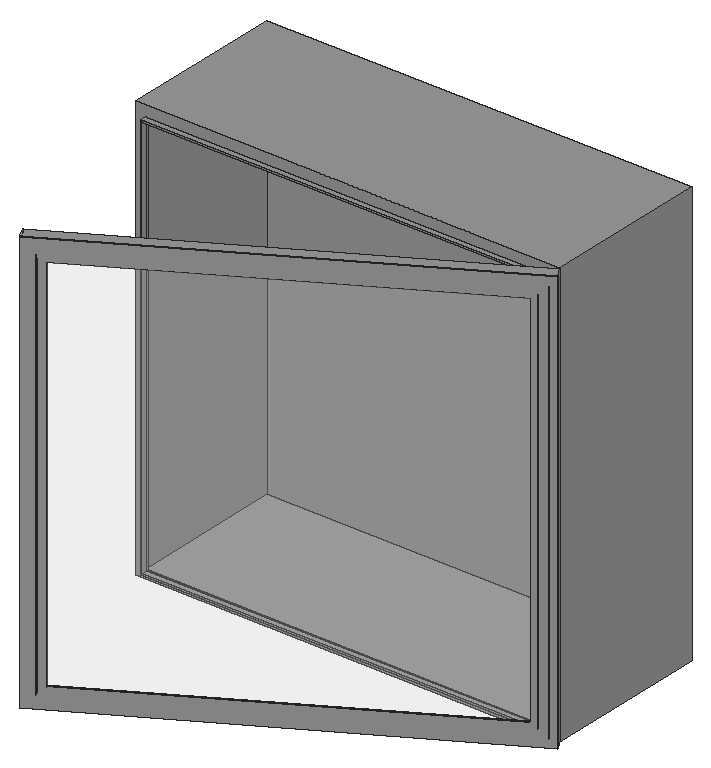
Revit family "Hager-Orion_Inox-IP66-D250-Cl.I-Inox_encl-630A-600mm-NoHosted-CH-it", category Equipement électrique, Revit 2020
Family settings
  Configuration du panneau = Deux colonnes, circuits au sein
  Cote de connecteur circulaire = Utiliser le diamètre
  Type d'élément = Tableau de raccordement
  Basée sur le plan de construction = Oui
  Toujours verticalement = Oui
  Couper avec des vides une fois chargée = Non
  Partagée = Non
  Point de calcul de pièce = Non
Parameters (values of type "A parete IP66 L600 A600 P250  - FL029TWL")
  Width Control [instance] = if([EF000008 - Larghezza] > Min Width, [EF000008 - Larghezza], Min Width)  # 600 mm
  Commentaires du type = [HG000003 - Gamma]  # "Orion Inox"
  Thickness Door [instance] = if([EF009171 - spessore materiale porta/coperchio] > 3 mm, 3 mm, [EF009171 - spessore materiale porta/coperchio])  # 1.5 mm
  Seal Frame Offset [instance] = 17 mm  # constant formula
  Min Width [instance] = 100 mm  # constant formula
  Min Depth [instance] = (2 * [EF009170 - spessore materiale scatola]) + 1 mm  # 4 mm
  Min Height [instance] = 100 mm  # constant formula
  Internal Frame Depth [instance] = -(Door System Depth * 0.5)  # -9 mm
  Panel Name [instance] = ""  # (empty or 0)
  Model = ""
  HG000027 - Altezza dello zoccolo = 0 mm
  HG000026 - A pavimento = no
  HG000024 - Altezza della sezione inferiore = 600 mm
  HG000023 - Custodia a doppia sezione = no
  HG000016 - Visibilità delle porte nella vista 3D [instance] = yes
  HG000015 - Visibilità attraverso la porta [instance] = no
  HG000014 - Porta destra [instance] = yes
  HG000013 - Porta sinistra [instance] = not([HG000014 - Porta destra])  # no
  HG000012 - Angolo di apertura della porta [instance] = 30.00°
  HG000010 - Porte asimmetriche = no
  HG000009 - Porta doppia a battente = no
  HG000006 - Ad incasso = no
  HG000004 - Codice produttore = "FL029TWL"
  HG000003 - Gamma = "Orion Inox"
  HG000002 - Con porta = yes
  Frame Offset Bottom [instance] = 10 mm  # constant formula
  Frame Offset [instance] = 15 mm  # constant formula
  EF015940 - Coprire con rilascio di sovrapressione = no
  EF011959 - tipo di protezione (NEMA) = ""
  EF009554 - numero delle aperture per la piastra della flangia = 0
  EF009212 - esecuzione coperchio = "EV000116 - chiuso"
  EF009171 - spessore materiale porta/coperchio = 1.5 mm
  EF009170 - spessore materiale scatola = 1.5 mm
  EF008873 - corrente nominale (In) = 630 A
  EF007800 - adatto per parafulmine = no
  EF006306 - con serratura = yes
  EF006244 - coperchio/porta trasparente = yes
  EF005474 - grado di protezione (IP) = "EV006422 - IP66"
  EF004464 - tipo di porta = "EV002646 - singolo"
  EF004427 - numero di moduli = 0
  EF004293 - resistenza agli urti = "EV006814 - IK08"
  EF003532 - adatto per uso esterno = yes
  EF002950 - Numero moduli DIN = 0
  EF001613 - Integrità del circuito = "EV000494 - senza"
  EF001596 - Attacco Lampada = "EV000166 - acciaio inossidabile"
  EF001131 - profondità interna = 216 mm
  EF001088 - possibilità di applicazione = yes
  EF000437 - numero di ingressi per conduttori = 0
  EF000339 - tipo di copertura = "EV004216 - porta"
  EF000266 - numero di file = 0
  EF000218 - profondità di incasso = 0 mm
  EF000118 - con piastra di montaggio = no
  EF000116 - numero RAL = ""
  EF000049 - profondità = 250 mm
  EF000040 - Altezza = 600 mm
  EF000008 - Larghezza = 600 mm
  EF000007 - colore = "EV000154 - altri"
  EF000003 - Tipo di montaggio = "EV000384 - A parete"
  Door System Leaf Tolerance [instance] = 1.5 mm  # constant formula
  Door System Depth [instance] = 18 mm  # constant formula
  Description = ""
  Default Elevation = 1219.2 mm
  Connector Offset [instance] = Height Control / 2  # 300 mm
  Fabricant = "Hager"  # constant formula
  Height Control [instance] = if([EF000040 - Altezza] > Min Height, [EF000040 - Altezza], Min Height)  # 600 mm
  Depth Control [instance] = if([EF000049 - profondità] > Min Depth, [EF000049 - profondità], Min Depth)  # 250 mm
Types (4, lengths in mm): name | Width Control | HG000004 - Codice produttore | EF009212 - esecuzione coperchio | EF006306 - con serratura | EF006244 - coperchio/porta trasparente | EF004293 - resistenza agli urti | EF001613 - Integrità del circuito | EF000008 - Larghezza
  A parete IP66 L400 A600 P250  - FL029BW | 400 | "FL029BW" | "EV009916 - con taglio" | no | no | "EV008784 - IK10" | "" | 400
  A parete IP66 L600 A600 P250  - FL029BWL | 600 | "FL029BWL" | "EV009916 - con taglio" | no | no | "EV008784 - IK10" | "" | 600
  A parete IP66 L600 A600 P250  - FL029TW | 600 | "FL029TW" | "EV000116 - chiuso" | yes | yes | "EV006814 - IK08" | "EV000494 - senza" | 600
  A parete IP66 L600 A600 P250  - FL029TWL | 600 | "FL029TWL" | "EV000116 - chiuso" | yes | yes | "EV006814 - IK08" | "EV000494 - senza" | 600
Reference planes
  plane 1 "Center (Front/Back)": y = 0
  plane 2: z = 0
  plane 3 "Center (Left/Right)": x = 0
  plane 4: y = 0
  plane 5: y = 0
  plane 6: z = 0
  plane 7: x = -300
  plane 8: x = 300
  plane 9: x = 298.5
  plane 10: x = -298.5
  plane 11: z = 0
  plane 12: z = 1.5
  plane 13: y = -250
  plane 14: y = -1.5
  plane 15: x = 0
  plane 16: y = -232
  plane 17: y = -248.5
  plane 18: y = -230.5
  plane 19: x = -283.5
  plane 20: x = 283.5
  plane 21: z = 11.5
  plane 22: x = -283
  plane 23: x = 283
  plane 24: z = 0
  plane 25: z = 600
  plane 26: z = 600
  plane 27: z = 583.5
  plane 28: z = 598.5
Forms (mm)
  Extrusion 1, solid, material "Hager_Stainless_Steel", detail levels medium+fine
    sketch origin (-208.679, -4572, 0) x (-1, 0, 0) y (0, -1, 0)
      loop
        line (91.321, -4340) -> (-508.679, -4340) -> (-508.679, -4572) -> (91.321, -4572) -> (91.321, -4340)
    from 0 to 600
  Extrusion 2, void
    sketch origin (-350.771, -250, 1219.2) x (1, 0, 0) y (0, 0, 1)
      loop
        line (52.271, -620.7) -> (52.271, -1217.7) -> (649.271, -1217.7) -> (649.271, -620.7) -> (52.271, -620.7)
    from -19.5 to -248.5
  Extrusion 3, void
    sketch origin (-290.084, -232, 1219.2) x (1, 0, 0) y (0, 0, 1)
      loop
        line (6.584, -1207.7) -> (573.584, -1207.7) -> (573.584, -635.7) -> (6.584, -635.7) -> (6.584, -1207.7)
    from 0 to -1.5
  Extrusion 4, solid, material "Hager_Stainless_Steel", detail levels fine
    sketch origin (-290.084, -232, 1219.2) x (-1, 0, 0) y (0, 0, 1)
      loop
        line (-573.584, -1207.7) -> (-6.584, -1207.7) -> (-6.584, -635.7) -> (-573.584, -635.7) -> (-573.584, -1207.7)
      loop
        line (-575.084, -1209.2) -> (-5.084, -1209.2) -> (-5.084, -634.2) -> (-575.084, -634.2) -> (-575.084, -1209.2)
    from 0 to -9 <- "Internal Frame Depth"
  Extrusion 5, solid, material "Hager_Stainless_Steel", detail levels coarse
    sketch origin (0, 0, 0) x (1, 0, 0) y (0, 1, 0)
      loop
        line (-300, 0) -> (-300, -250) -> (300, -250) -> (300, 0) -> (-300, 0)
    from 0 to 600 <- "Height Control"
Cuts and joins
  Extrusion 2, Extrusion 3 cuts Extrusion 1
Lines and regions (mm)
  Masking region 1
    outline origin (0, 0, 0) x (1, 0, 0) y (0, 1, 0)
      loop
        line (-300, 0) -> (-300, -250) -> (300, -250) -> (300, 0) -> (-300, 0)
  Masking region 2
    outline origin (-290.084, -232, 1219.2) x (-1, 0, 0) y (0, 0, 1)
      loop
        line (-590.084, -1219.2) -> (9.916, -1219.2) -> (9.916, -619.2) -> (-590.084, -619.2) -> (-590.084, -1219.2)
  Masking region 3, detail levels coarse
    outline origin (0, 0, 0) x (0, 1, 0) y (0, 0, 1)
      loop
        line (0, 0) -> (0, 600) -> (-250, 600) -> (-250, 0) -> (0, 0)
  Masking region 4, detail levels medium+fine
    outline origin (0, 0, 594.038) x (0, 1, 0) y (0, 0, 1)
      loop
        line (0, -594.038) -> (0, 5.962) -> (-232, 5.962) -> (-232, -594.038) -> (0, -594.038)
Dimensions and locks
  locked: plane 1 "Center (Front/Back)" to plane 5
  "EF009170 - spessore materiale scatola": plane 7 to plane 10
  "EF009170 - spessore materiale scatola": plane 8 to plane 9
  equal spacing: plane 7, plane 3 "Center (Left/Right)", plane 8
  "Width Control": plane 7 to plane 8
  "Depth Control": plane 4 to plane 13
  "EF009170 - spessore materiale scatola": plane 4 to plane 14
  "Height Control": plane 25 to level
  "EF009170 - spessore materiale scatola": plane 12 to plane 11
  "EF009170 - spessore materiale scatola": plane 17 to plane 13
  "EF009170 - spessore materiale scatola": plane 18 to plane 16
  "Frame Offset Bottom": plane 21 to plane 12
  "Frame Offset": plane 10 to plane 19
  "Frame Offset": plane 9 to plane 20
  "Door System Depth": plane 16 to plane 13
  "Seal Frame Offset": plane 7 to plane 22
  "Seal Frame Offset": plane 8 to plane 23
  "EF009170 - spessore materiale scatola": plane 26 to plane 28
  "Frame Offset": plane 28 to plane 27
  "Connector Offset": plane 2 to connector elem
  "Thickness Door": cut or joined group of Extrusion 1, Extrusion 2, Extrusion 3 to Extrusion 4 sketch curve
  "Thickness Door": Extrusion 4 sketch curve to plane 19
  "Thickness Door": Extrusion 4 sketch curve to plane 20
  "Thickness Door": Extrusion 4 sketch curve to plane 27
  aligned and locked: Extrusion 2 sketch curve to plane 12
  aligned and locked: Extrusion 2 sketch curve to plane 9
  aligned and locked: Extrusion 2 sketch curve to plane 10
  aligned and locked: plane 14 to Extrusion 2
  aligned and locked: plane 4 to Extrusion 1 sketch curve
  aligned and locked: plane 8 to Extrusion 1 sketch curve
  aligned and locked: plane 7 to Extrusion 1 sketch curve
  aligned and locked: Extrusion 2 to plane 18
  aligned and locked: Extrusion 3 sketch curve to plane 19
  aligned and locked: plane 20 to Extrusion 3 sketch curve
  aligned and locked: Extrusion 3 to Extrusion 2
  aligned and locked: Extrusion 3 sketch curve to plane 21
  aligned and locked: plane 3 "Center (Left/Right)" to nested 1
  aligned and locked: Extrusion 1 sketch curve to plane 16
  aligned and locked: Masking region 1 sketch curve to plane 7
  aligned and locked: Masking region 1 sketch curve to plane 5
  aligned and locked: Masking region 1 sketch curve to plane 8
  aligned and locked: Masking region 2 sketch curve to level
  aligned and locked: level to Masking region 3 sketch curve
  aligned and locked: plane 1 "Center (Front/Back)" to Masking region 3 sketch curve
  aligned and locked: plane 13 to Masking region 3 sketch curve
  aligned and locked: Masking region 2 sketch curve to plane 8
  aligned and locked: Masking region 2 sketch curve to plane 7
  aligned and locked: plane 7 to nested 2
  aligned and locked: nested 2 to plane 5
  aligned and locked: plane 5 to Masking region 4 sketch curve
  aligned and locked: plane 26 to Masking region 4 sketch curve
  aligned and locked: Extrusion 5 sketch curve to plane 8
  aligned and locked: Extrusion 5 sketch curve to plane 7
  aligned and locked: Extrusion 5 sketch curve to plane 5
  aligned and locked: Extrusion 3 sketch curve to plane 27
  aligned and locked: Extrusion 2 sketch curve to plane 28
  aligned and locked: Extrusion 4 sketch curve to plane 27
  aligned and locked: Extrusion 4 sketch curve to plane 20
  aligned and locked: Extrusion 4 sketch curve to plane 21
  aligned and locked: Extrusion 4 sketch curve to plane 19
  aligned and locked: Masking region 2 to plane 25
  aligned and locked: Masking region 4 sketch curve to plane 24
  aligned and locked: Masking region 1 to plane 13
  aligned and locked: nested 1 to plane 16
  aligned and locked: Masking region 3 to plane 25
  aligned and locked: Masking region 4 sketch curve to plane 16
  aligned and locked: plane 24 to plane 11
  aligned and locked: plane 26 to plane 25
  aligned and locked: level to plane 24
  aligned and locked: Extrusion 1 to Masking region 3
  aligned and locked: level to nested 1
Automatic sketch dimensions
  Extrusion 5 sketch curve to plane 13 = 0 mm
  plane 27 to Masking region 2 sketch curve = 16.5 mm
  plane 27 to Masking region 3 sketch curve = 16.5 mm
  Masking region 1 sketch curve to plane 13 = 0 mm
  Extrusion 3 sketch curve to plane 21 = 0 mm
  plane 19 to Extrusion 3 sketch curve = 0 mm
  Extrusion 3 sketch curve to plane 20 = 0 mm
Nested families
  nested 1: "EC000058_OrionInox_Door" at (0, -232, 0), Double <- "HG000009 - Porta doppia a battente", Transparent <- "EF006244 - coperchio/porta trasparente", Angle <- "HG000012 - Angolo di apertura della porta", Door_Right <- "HG000014 - Porta destra", Assymetrical <- "HG000010 - Porte asimmetriche", Door <- "HG000002 - Con porta", Width_Ctrl <- "Width Control", 3d_Door <- "HG000016 - Visibilità delle porte nella vista 3D", Clearance <- "HG000015 - Visibilità attraverso la porta", Door_Left <- "HG000013 - Porta sinistra", Width <- "Width Control", Door_Depth <- "Door System Depth", Leaf_Tolerance <- "Door System Leaf Tolerance", Height <- "Height Control", Thickness <- "Thickness Door", type "EC000058_OrionInox_Door", detail levels medium+fine
    with min_wh 4 mm, Width_Ctrl 600 mm, Width 600 mm, Transparent yes, Thickness 1.5 mm, Seal_Material Hager_Rubber, Leaf_Width 600 mm, Leaf_Tolerance_External_Sides 0 mm, Leaf_Tolerance 1.5 mm, Leaf_Offset 0 mm, Leaf_Height 597 mm, Leaf_2_Width 600 mm, Leaf_2_Offset 300 mm, Leaf_1_Width 600 mm, Leaf_1_Offset 300 mm, Height_Ctrl 600 mm, Height 600 mm, Glass_Material Hager_Glass, Double_Clearance_Ctrl no, Double no, Door_Right_Ctrl yes, Door_Right yes, Door_Material Hager_Stainless_Steel, Door_Left_Ctrl no, Door_Left no, Door_Depth 18 mm, Door yes, Clearance_Material Hager_Clearance, Clearance_Depth 600 mm, Clearance_Ctrl no, Clearance no, Assymetrical no, Angle 30.00°, 3d_Door yes
  nested 2: "Hager_Enclosure_Symbol" at (-300, 0, 0), Height <- "Depth Control", Width <- "Width Control", type "Hager_Enclosure_Symbol"
    with Width_Ctrl 600 mm, Width 600 mm, Height_Ctrl 250 mm, Height 250 mm, A_Width_Int 16.406 mm, A_Width 196.875 mm, A_Height_Ctrl 218.75 mm, A_Height 218.75 mm
Connectors
  electrical at (0, 0, 300)
    settings: on plane 1 "Center (Front/Back)", index 1, voltage 0 V, apparent load 0 VA, apparent load phase1 0 VA, apparent load phase2 0 VA, apparent load phase3 0 VA, power factor 1, load classification "Other", number of poles 1, system type 30, power factor state 1, is connector primary yes, connector utility no, sub classification motor no, connector description ""
Definition of nested family "EC000058_OrionInox_Door"
  Parameters (values of type "EC000058_OrionInox_Door")
    min_wh [instance] = (2 * Thickness) + 1 mm  # 11 mm
    Width_Ctrl [instance] = 400 mm
    Width [instance] = 500 mm
    Transparent [instance] = yes
    Thickness [instance] = 5 mm
    Seal_Material [instance] = none
    Leaf_Width [instance] = if((Width_Ctrl - 2 * Leaf_Tolerance_External_Sides) > 0 mm, (Width_Ctrl - 2 * Leaf_Tolerance_External_Sides), min_wh)  # 400 mm
    Leaf_Tolerance_External_Sides [instance] = 0 mm  # constant formula
    Leaf_Tolerance [instance] = 1.5 mm
    Leaf_Offset [instance] = 0 mm  # constant formula
    Leaf_Height [instance] = if((Height_Ctrl - 2 * Leaf_Tolerance) > 0 mm, (Height_Ctrl - 2 * Leaf_Tolerance), min_wh)  # 497 mm
    Leaf_2_Width [instance] = if(and(and(Double, Assymetrical), Door_Left), (Leaf_Width / 3) - (Leaf_Tolerance / 2), if(and(and(Double, Assymetrical), Door_Right), (Leaf_Width / 3) * 2 - (Leaf_Tolerance / 2), if(and(Double, not(Assymetrical)), (Leaf_Width / 2) - Leaf_Tolerance, Leaf_Width)))  # 400 mm
    Leaf_2_Offset [instance] = if(and(Double, Assymetrical), Leaf_2_Width / 2, if(and(Double, not(Assymetrical)), Leaf_Width / 4, Leaf_Width / 2))  # 200 mm
    Leaf_1_Width [instance] = if(and(and(Double, Assymetrical), Door_Right), (Leaf_Width / 3) - (Leaf_Tolerance / 2), if(and(and(Double, Assymetrical), Door_Left), (Width / 3) * 2 - (Leaf_Tolerance / 2), if(and(Double, not(Assymetrical)), (Leaf_Width / 2) - Leaf_Tolerance, Leaf_Width)))  # 400 mm
    Leaf_1_Offset [instance] = if(and(Double, Assymetrical), Leaf_1_Width / 2, if(and(Double, not(Assymetrical)), Leaf_Width / 4, Leaf_Width / 2))  # 200 mm
    Height_Ctrl [instance] = if(Height > min_wh, Height, min_wh)  # 500 mm
    Height [instance] = 500 mm
    Glass_Material [instance] = none
    Double_Clearance_Ctrl [instance] = and(Double, Clearance)  # no
    Double [instance] = no
    Door_Right_Ctrl [instance] = and(or(Door_Right, Double), Door)  # yes
    Door_Right [instance] = yes
    Door_Material [instance] = none
    Door_Left_Ctrl [instance] = and(or(Door_Left, Double), Door)  # no
    Door_Left [instance] = no
    Door_Depth [instance] = 30 mm
    Door [instance] = yes
    Default Elevation = 1219.2 mm
    Clearance_Material [instance] = none
    Clearance_Depth [instance] = if(Leaf_1_Width > Leaf_2_Width, Leaf_1_Width, Leaf_2_Width)  # 400 mm
    Clearance_Ctrl [instance] = and(not(Double), Clearance)  # yes
    Clearance [instance] = yes
    Assymetrical [instance] = yes
    Angle [instance] = 30.00°
    3d_Door [instance] = yes
  Reference planes
    plane 1 "Center (Front/Back)": y = 0
    plane 2 "Bottom": z = 0
    plane 3 "Center (Left/Right)": x = 0
    plane 4: z = 500
    plane 5: x = -200
    plane 6: x = 200
    plane 7: z = 500
    plane 8: x = -200
    plane 9: z = 0
    plane 10: x = 200
    plane 11: y = 0
    plane 12: z = 1.5
    plane 13: x = -600
    plane 14: y = -400
    plane 15: x = 600
    plane 16: x = 0
    plane 17: x = 0
    plane 18: x = -200
    plane 19: x = 200
    plane 20: z = 498.5
  Forms (mm)
    Extrusion 1, solid, material <- "Clearance_Material", visible <- "Double_Clearance_Ctrl"
      sketch origin (1200, 0, 0) x (1, 0, 0) y (0, 0, -1)
        loop
          line (-1800, -498.5) -> (-600, -498.5) -> (-600, 0) -> (-1800, 0) -> (-1800, -498.5)
      from 0 to -400
  Dimensions and locks
    equal spacing: plane 5, plane 3 "Center (Left/Right)", plane 6
    "Width_Ctrl": plane 5 to plane 6
    "Leaf_Offset": plane 5 to plane 8
    "Leaf_Offset": plane 6 to plane 10
    "Leaf_Offset": plane 9 to level
    "Leaf_Offset": plane 4 to plane 7
    "Height_Ctrl": plane 4 to level
    "Leaf_Tolerance": plane 12 to plane 9
    locked: plane 11 to plane 1 "Center (Front/Back)"
    "Leaf_1_Offset": plane 18 to plane 16
    "Leaf_2_Offset": plane 17 to plane 19
    "Leaf_1_Width": plane 13 to plane 8
    "Leaf_2_Width": plane 10 to plane 15
    "Clearance_Depth": plane 14 to plane 1 "Center (Front/Back)"
    "Leaf_Tolerance_External_Sides": plane 8 to plane 18
    "Leaf_Tolerance_External_Sides": plane 19 to plane 10
    "Leaf_Tolerance": plane 7 to plane 20
    aligned and locked: level to plane 2 "Bottom"
    aligned and locked: nested 1 to plane 16
    aligned and locked: nested 2 to plane 17
    aligned and locked: Extrusion 1 to plane 13
    aligned and locked: plane 15 to Extrusion 1
    aligned and locked: Extrusion 1 to plane 14
    aligned and locked: plane 12 to nested 1
    aligned and locked: nested 2 to plane 12
    aligned and locked: Extrusion 1 to plane 11
    aligned and locked: plane 20 to Extrusion 1
    aligned and locked: nested 2 to plane 11
    aligned and locked: nested 1 to plane 11
  Automatic sketch dimensions
    Extrusion 1 sketch curve to level = 0 mm
    plane 5 to Extrusion 1 sketch curve = 400 mm
    plane 6 to Extrusion 1 sketch curve = 400 mm
    Extrusion 1 sketch curve to plane 4 = 1.5 mm
  Nested families
    nested 1: "EC000058_OrionInox_Door_Leaf" at (0, 0, 1.5), Width <- "Leaf_1_Width", visible <- "Door_Left_Ctrl", Leaf_Height <- "Leaf_Height", Angle <- "Angle", 3d_Door <- "3d_Door", Transparent <- "Transparent", Clearance Material <- "Clearance_Material", Clearance <- "Clearance_Ctrl", Door_Material <- "Door_Material", Glass_Material <- "Glass_Material", Door_Depth <- "Door_Depth", Seal_Material <- "Seal_Material", Thickness <- "Thickness", type "EC000058_OrionInox_Door_Leaf"
      with Width 400 mm, Transparent_Ctrl yes, Transparent yes, Thickness 5 mm, Standard no, Seal_Material none, Seal_D2 8 mm, Seal_D1 1 mm, Offset_Internal_Frame 10 mm, Lock_Width 28 mm, Lock_Thickness 2 mm, Lock_Radius 6 mm, Leaf_Height 497 mm, Internal_Seal_Thickness 8 mm, Internal_Seal_Depth_2 4.5 mm, Internal_Frame_Depth 25 mm, Glass_Thickness -1 mm, Glass_Offset -2 mm, Glass_Material none, Door_Material none, Door_Depth 30 mm, Clearance Material none, Clearance yes, Angle_Ctrl 30.00°, Angle 30.00°, 3d_Door yes
    nested 2: "EC000058_OrionInox_Door_Leaf" at (0, 0, 1.5) x (-1, 0, 0) z (0, 0, 1), Width <- "Leaf_2_Width", visible <- "Door_Right_Ctrl", Leaf_Height <- "Leaf_Height", Angle <- "Angle", 3d_Door <- "3d_Door", Transparent <- "Transparent", Clearance Material <- "Clearance_Material", Clearance <- "Clearance_Ctrl", Door_Material <- "Door_Material", Glass_Material <- "Glass_Material", Door_Depth <- "Door_Depth", Seal_Material <- "Seal_Material", Thickness <- "Thickness", type "EC000058_OrionInox_Door_Leaf"
      with Width 400 mm, Transparent_Ctrl yes, Transparent yes, Thickness 5 mm, Standard no, Seal_Material none, Seal_D2 8 mm, Seal_D1 1 mm, Offset_Internal_Frame 10 mm, Lock_Width 28 mm, Lock_Thickness 2 mm, Lock_Radius 6 mm, Leaf_Height 497 mm, Internal_Seal_Thickness 8 mm, Internal_Seal_Depth_2 4.5 mm, Internal_Frame_Depth 25 mm, Glass_Thickness -1 mm, Glass_Offset -2 mm, Glass_Material none, Door_Material none, Door_Depth 30 mm, Clearance Material none, Clearance yes, Angle_Ctrl 30.00°, Angle 30.00°, 3d_Door yes
  Definition of nested family "EC000058_OrionInox_Door_Leaf"
    Parameters (values of type "EC000058_OrionInox_Door_Leaf")
      Width [instance] = 450 mm
      Transparent_Ctrl [instance] = and(Transparent, [3d_Door])  # yes
      Transparent [instance] = yes
      Thickness [instance] = 5 mm
      Standard [instance] = and(not(Transparent), [3d_Door])  # no
      Seal_Material [instance] = none
      Seal_D2 [instance] = 8 mm  # constant formula
      Seal_D1 [instance] = 1 mm  # constant formula
      Offset_Internal_Frame [instance] = 10 mm  # constant formula
      Lock_Width [instance] = Door_Depth - Lock_Thickness  # 28 mm
      Lock_Thickness [instance] = 2 mm  # constant formula
      Lock_Radius [instance] = 6 mm  # constant formula
      Leaf_Height [instance] = 450 mm
      Internal_Seal_Thickness [instance] = 8 mm  # constant formula
      Internal_Seal_Depth_2 [instance] = 4.5 mm  # constant formula
      Internal_Frame_Depth [instance] = if(Door_Depth - Thickness > 5 mm, Door_Depth - Thickness, 5 mm)  # 25 mm
      Glass_Thickness [instance] = if(Thickness > 15 mm, Glass_Offset + 10 mm, -1 mm)  # -1 mm
      Glass_Offset [instance] = if(Thickness > 15 mm, -(Thickness + 10 mm) / 2, -2 mm)  # -2 mm
      Glass_Material [instance] = none
      Door_Material [instance] = none
      Door_Depth [instance] = 30 mm
      Default Elevation = 0 mm
      Clearance Material [instance] = none
      Clearance [instance] = yes
      Angle_Ctrl [instance] = if(Angle > 180.00°, 180.00°, Angle)  # 90.00°
      Angle [instance] = 90.00°
      3d_Door [instance] = yes
    Reference planes
      plane 1 "Center (Front/Back)": y = 0
      plane 2: z = 0
      plane 3 "Center (Left/Right)": x = 0
      plane 4: y = 450
      plane 5: x = -225
      plane 6: x = 225
      plane 7: x = -675
      plane 8: z = 450
      plane 9: z = 30
      plane 10: z = 420
      plane 11: x = 195
      plane 12: x = -195
      plane 13: y = -3
      plane 14: z = 107.833
      plane 15: y = -5
      plane 16: y = -223.314
      plane 17: x = -225
      plane 18: y = 30
    Forms (mm)
      Extrusion 1, solid, material <- "Clearance Material", visible <- "Clearance"
        sketch origin (0, 0, 0) x (1, 0, 0) y (0, 0, 1)
          loop
            line (-675, 450) -> (-675, 0) -> (225, 0) -> (225, 450) -> (-675, 450)
        from 0 to -450
      Extrusion 2, solid, material <- "Door_Material", visible <- "Standard", detail levels medium+fine
        sketch origin (-225, 0, 0) x (0, 1, 0) y (-1, 0, 0)
          loop
            line (0, 30) -> (0, 25) -> (450, 25) -> (450, 30) -> (0, 30)
        from 0 to 450 <- "Leaf_Height"
      Extrusion 3, solid, material <- "Door_Material", visible <- "Transparent_Ctrl", detail levels medium+fine
        sketch origin (-225, 0, 0) x (0, 1, 0) y (-1, 0, 0)
          loop
            line (0, 25) -> (450, 25) -> (450, 30) -> (0, 30) -> (0, 25)
        from 0 to 450 <- "Leaf_Height"
      Extrusion 4, void
        sketch origin (-250, 450, 0) x (0, 1, 0) y (0, 0, -1)
          loop
            line (-30, -420) -> (-30, -30) -> (-420, -30) -> (-420, -420) -> (-30, -420)
        from 0 to 5 <- "Thickness"
      Sweep 5, solid, material <- "Seal_Material", visible <- "Transparent_Ctrl", detail levels fine
        path in 3D
          loop
            line (-250, 30, 30) -> (-250, 30, 420) -> (-250, 420, 420) -> (-250, 420, 30) -> (-250, 30, 30)
        profile origin (-250, 225, 30) x (1, 0, 0) y (0, 0, 1)
          loop
            line (0, 0) -> (0, -8) -> (1, -8) -> (1, 0) -> (0, 0)
      Extrusion 6, solid, material <- "Glass_Material", visible <- "Transparent_Ctrl", detail levels medium+fine
        sketch origin (-255, 0, 0) x (0, 1, 0) y (0, 0, -1)
          loop
            line (420, -420) -> (420, -30) -> (30, -30) -> (30, -420) -> (420, -420)
        from -2 <- "Glass_Offset" to -1 <- "Glass_Thickness"
      Extrusion 7, solid, material <- "Door_Material", visible <- "3d_Door", detail levels medium+fine
        sketch origin (-250, 450, 0) x (0, -1, 0) y (0, 0, -1)
          loop
            line (0, -450) -> (450, -450) -> (450, 0) -> (0, 0) -> (0, -450)
          loop
            line (445, -5) -> (5, -5) -> (5, -445) -> (445, -445) -> (445, -5)
        from 0 to 25 <- "Internal_Frame_Depth"
      Sweep 8, solid, material <- "Seal_Material", visible <- "Transparent_Ctrl", detail levels fine
        path in 3D
          loop
            line (-250, 0, 0) -> (-250, 450, 0) -> (-250, 450, 450) -> (-250, 0, 450) -> (-250, 0, 0)
        profile origin (-250, 0, 225) x (1, 0, 0) y (0, 1, 0)
          loop
            line (0, 10) -> (2.975, 10)
            arc (2.975, 10) -> (4.053, 10.447) -> (4.5, 11.525) r 1.525
            line (4.5, 11.525) -> (4.5, 16.527)
            arc (4.5, 16.527) -> (4.069, 17.569) -> (3.027, 18) r 1.473
            line (3.027, 18) -> (0, 18) -> (0, 10)
    Cuts and joins
      Extrusion 4 cuts Extrusion 3
    Lines and regions (mm)
      Masking region 1, detail levels medium+fine
        outline origin (0, 0, 0) x (0, 1, 0) y (0, 0, 1)
          loop
            line (0, 0) -> (30, 0) -> (30, 450) -> (0, 450) -> (0, 0)
      Masking region 2, detail levels medium+fine
        outline origin (0, 0, 0) x (1, 0, 0) y (0, 0, 1)
          loop
            line (-225, 450) -> (-225, 0) -> (225, 0) -> (225, 450) -> (-225, 450)
      symbolic lines
        curve 1: line (225, 0, 0) -> (-675, 0, 0)
        curve 2: arc (225, 0, 0) -> (-225, 450, 0) -> (-675, 0, 0) r 450
        curve 4: line (-255, 0, 0) -> (-255, 450, 0)
      reference lines
        curve 3: line (-225, 0, 0) -> (-225, 450, 0)
      symbolic lines, detail levels medium+fine
        curve 5: line (-255, 450, 0) -> (-250, 450, 0)
        curve 7: line (-250, 0, 0) -> (-255, 0, 0)
        curve 8: line (-250, 0, 0) -> (-225, 0, 0)
        curve 9: line (-225, 0, 0) -> (-225, 450, 0)
        curve 10: line (-225, 450, 0) -> (-250, 450, 0)
      symbolic lines, detail levels fine
        curve 6: line (-250, 450, 0) -> (-250, 0, 0)
      sketch lines
        curve 11: line (-250, 0, 450) -> (-250, 0, 0)
        curve 12: line (-250, 450, 0) -> (-250, 0, 0)
        curve 13: line (-250, 450, 450) -> (-250, 450, 0)
        curve 14: line (-250, 0, 450) -> (-250, 450, 450)
        curve 15: line (-250, 420, 30) -> (-250, 30, 30)
        curve 16: line (-250, 30, 30) -> (-250, 30, 420)
        curve 17: line (-250, 420, 420) -> (-250, 420, 30)
        curve 18: line (-250, 30, 420) -> (-250, 420, 420)
      symbolic lines, visible <- "Transparent", detail levels medium+fine
        curve 19: line (-195, 0, 420) -> (195, 0, 420)
        curve 20: line (-195, 0, 30) -> (-195, 0, 420)
        curve 21: line (195, 0, 30) -> (-195, 0, 30)
        curve 22: line (195, 0, 420) -> (195, 0, 30)
    Dimensions and locks
      "Width": plane 1 "Center (Front/Back)" to plane 4
      equal spacing: plane 5, plane 3 "Center (Left/Right)", plane 6
      "Width": plane 5 to plane 6
      "Width": plane 7 to plane 5
      "Leaf_Height": plane 8 to level
      "Width": curve 5 to curve 3
      "Width": curve 3 to curve 3
      plane 8 to plane 10 = 30 mm
      plane 9 to level = 30 mm
      plane 12 to plane 5 = 30 mm
      plane 6 to plane 11 = 30 mm
      Extrusion 4 sketch curve to Extrusion 3 = 30 mm
      Extrusion 3 to Extrusion 4 sketch curve = 30 mm
      Extrusion 1 to Extrusion 4 sketch curve = 30 mm
      curve 3 to Extrusion 4 sketch curve = 30 mm
      Extrusion 4 sketch curve to cut or joined group of Extrusion 3, Extrusion 4 = 30 mm
      cut or joined group of Extrusion 3, Extrusion 4 to Extrusion 6 sketch curve = 30 mm
      cut or joined group of Extrusion 3, Extrusion 4 to Extrusion 4 sketch curve = 30 mm
      "Thickness": curve 6 to curve 4
      "Thickness": Extrusion 7 sketch curve to Extrusion 7 sketch curve  (x4)
      "Door_Depth": curve 4 to curve 3
      "Offset_Internal_Frame": profile plane to Sweep 8 sketch curve
      "Internal_Seal_Thickness": Sweep 8 sketch curve to Sweep 8 sketch curve
      "Internal_Seal_Depth_2": profile plane to Sweep 8 sketch curve
      "Seal_D1": profile plane to Sweep 5 sketch curve
      "Seal_D2": profile plane to Sweep 5 sketch curve
      "Thickness": Extrusion 2 sketch curve to Extrusion 2 sketch curve
      "Door_Depth": plane 18 to plane 1 "Center (Front/Back)"
      radius of Sweep 8 sketch curve = 1.525 mm
      radius of Sweep 8 sketch curve = 1.473 mm
      "Angle_Ctrl": angle plane 1 "Center (Front/Back)" to curve 3
      aligned and locked: level to plane 2
      aligned and locked: Extrusion 1 to curve 1
      aligned and locked: plane 6 to Extrusion 1
      aligned and locked: plane 1 "Center (Front/Back)" to Extrusion 1
      aligned and locked: plane 4 to Extrusion 1
      aligned and locked: plane 8 to Extrusion 1
      aligned and locked: curve 7 to Extrusion 2 sketch curve
      aligned and locked: curve 5 to Extrusion 2 sketch curve
      aligned and locked: curve 7 to Extrusion 3 sketch curve
      aligned and locked: Extrusion 3 sketch curve to curve 4
      aligned and locked: Extrusion 3 sketch curve to curve 6
      aligned and locked: Extrusion 3 sketch curve to curve 5
      aligned and locked: curve 9 to curve 3
      aligned and locked: Extrusion 7 sketch curve to cut or joined group of Extrusion 3, Extrusion 4  (x4)
      aligned and locked: plane 17 to curve 3
      aligned and locked: plane 1 "Center (Front/Back)" to curve 3
      aligned and locked: plane 17 to plane 5
      aligned and locked: Sweep 8 sketch curve to profile plane
      aligned and locked: Sweep 5 sketch curve to profile plane  (x2)
      aligned and locked: plane 1 "Center (Front/Back)" to Masking region 1 sketch curve
      aligned and locked: plane 18 to Masking region 1 sketch curve
      aligned and locked: level to Masking region 1 sketch curve
      aligned and locked: Masking region 1 sketch curve to plane 8
      aligned and locked: plane 17 to Masking region 2 sketch curve
      aligned and locked: level to Masking region 2 sketch curve
      aligned and locked: Masking region 2 sketch curve to plane 8
      aligned and locked: plane 12 to curve 20
      aligned and locked: plane 10 to curve 19
      aligned and locked: plane 11 to curve 22
      aligned and locked: plane 9 to curve 21
      aligned and locked: Extrusion 2 sketch curve to cut or joined group of Extrusion 3, Extrusion 4
    Automatic sketch dimensions
      plane 1 "Center (Front/Back)" to curve 2 = 0 mm
      curve 2 to plane 5 = 0 mm
      Extrusion 1 sketch curve to level = 0 mm
      Extrusion 1 sketch curve to plane 7 = 0 mm
      Extrusion 1 sketch curve to plane 6 = 0 mm
      Extrusion 1 sketch curve to plane 8 = 0 mm
      Extrusion 3 to Extrusion 6 sketch curve = 30 mm  (x4)
      Masking region 2 sketch curve to plane 6 = 0 mm
      curve 4 to curve 3 = 0 mm
Definition of nested family "Hager_Enclosure_Symbol"
  Parameters (values of type "Hager_Enclosure_Symbol")
    Width_Ctrl [instance] = if(Width > 1 mm, Width, 1 mm)  # 102.27 mm
    Width [instance] = 102.27 mm
    Height_Ctrl [instance] = if(Height > 1 mm, Height, 1 mm)  # 66.5 mm
    A_Width_Int [instance] = if(A_Width / 12 > 2 mm, A_Width / 12, 2 mm)  # 4.364 mm
    A_Width [instance] = if(A_Height_Ctrl * 0.9 > 2 mm, A_Height_Ctrl * 0.9, 2 mm)  # 52.369 mm
    A_Height_Ctrl [instance] = if(A_Height > 2 mm, A_Height, 2 mm)  # 58.188 mm
    Height [instance] = 66.5 mm
    A_Height [instance] = Height - (Height / 8)  # 58.188 mm
  Reference planes
    plane 1 "Centre (avant/arrière)": y = 0
    plane 2: z = 0
    plane 3 "Centre (gauche/droite)": x = 0
    plane 4: x = 52.369
    plane 5: y = 33.042
    plane 6: y = 41.77
    plane 7: y = 66.5
    plane 8: x = 26.184
    plane 9: y = 37.406
    plane 10: x = 102.27
    plane 11: y = 66.5
    plane 12: y = 8.313
  Lines and regions (mm)
    Filled region 1, type "Solid_Black", in view "Niveau de réf."
      outline origin (0, 0, 0) x (1, 0, 0) y (0, 1, 0)
        loop
          line (52.369, 66.5) -> (33.188, 54.536) -> (45.365, 45.006) -> (52.369, 66.5)
    Filled region 2, type "Solid_Black", in view "Niveau de réf."
      outline origin (0, 0, 0) x (1, 0, 0) y (0, 1, 0)
        loop
          line (0, 0) -> (102.27, 0) -> (102.27, 66.5) -> (0, 0)
    detail lines, in view "Niveau de réf."
      curve 1: line (0, 8.313, 0) -> (26.184, 41.77, 0)
      curve 2: line (26.184, 41.77, 0) -> (26.184, 33.042, 0)
      curve 3: line (26.184, 33.042, 0) -> (52.369, 66.5, 0)
  Dimensions and locks
    "A_Width": plane 3 "Centre (gauche/droite)" to plane 4
    equal spacing: plane 3 "Centre (gauche/droite)", plane 8, plane 4
    equal spacing: plane 6, plane 9, plane 5
    equal spacing: curve 3, Filled region 1 sketch curve, Filled region 1 sketch curve
    "Height_Ctrl": plane 1 "Centre (avant/arrière)" to plane 11
    "A_Height_Ctrl": plane 11 to plane 12
    equal spacing: plane 11, plane 9, plane 12
    "A_Width_Int": plane 6 to plane 9
    "Width_Ctrl": plane 3 "Centre (gauche/droite)" to plane 10
    angle Filled region 1 sketch curve to curve 3 = 20.00°
    angle curve 3 to Filled region 1 sketch curve = 20.00°
    locked: curve 3 to Filled region 1 sketch curve (angle 90.00°)
    aligned and locked: plane 10 to Filled region 2
    aligned and locked: plane 11 to Filled region 2 sketch curve
    aligned and locked: plane 10 to Filled region 2 sketch curve
    aligned and locked: plane 3 "Centre (gauche/droite)" to curve 1
    aligned and locked: plane 12 to curve 1
    aligned and locked: plane 7 to plane 11
  Automatic sketch dimensions
    Filled region 1 sketch curve to plane 4 = 0 mm
    Filled region 1 sketch curve to plane 7 = 0 mm
    plane 1 "Centre (avant/arrière)" to Filled region 2 sketch curve = 0 mm
    Filled region 2 sketch curve to plane 3 "Centre (gauche/droite)" = 0 mm
    curve 2 to plane 6 = 0 mm
    curve 2 to plane 8 = 0 mm
    curve 3 to plane 4 = 0 mm
    curve 2 to plane 5 = 0 mm
    curve 3 to plane 7 = 0 mm
